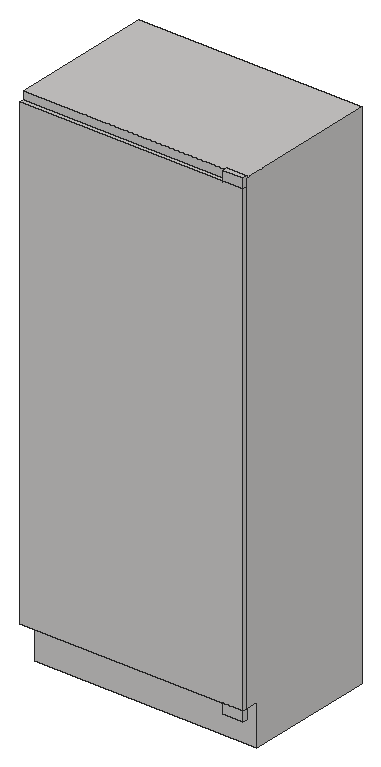
Revit family "RC492704", category Generic Models, Revit 2014
Parameters (values of type "RC492705")
  Width = 908 mm
  URL = "http://www.gaggenau.com."
  Model = "RC492705"
  Manufacturer = "Gaggenau"
  Height = 2125 mm
  Handle = Metal Panel
  Fridge = Metal Panel
  Door = Metal Panel
  Description = "Gaggenau 36\" Refigeration column"
  Depth = 608 mm
Reference planes
  plane 1 "Center (Front/Back)": y = 0
  plane 2: z = 0
  plane 3 "Center (Left/Right)": x = 0
  plane 4: z = 2125
  plane 5: x = -454
  plane 6: x = 454
  plane 7: y = 266.012
  plane 8: y = -341.988
  plane 9: z = 181
  plane 10: z = 102
  plane 11: z = 14.093
  plane 12: z = 2131
  plane 13: z = 2091
  plane 14: y = -268.988
  plane 15: y = -321.988
  plane 16: x = 393.794
Forms (mm)
  Extrusion 1, solid, material "Metal Panel" <- "Fridge"
    sketch origin (0, 0, 0) x (0, 1, 0) y (0, 0, 1)
      loop
        line (266.012, 2125) -> (-321.988, 2125) -> (-321.988, 181) -> (-268.988, 181) -> (-268.988, 14.093) -> (266.012, 14.093) -> (266.012, 2125)
    from -454 to 454
  Extrusion 2, solid, material "Metal Panel" <- "Door"
    sketch origin (0, 0, 0) x (1, 0, 0) y (0, 0, 1)
      loop
        line (-454, 181) -> (454, 181) -> (454, 2091) -> (-454, 2091) -> (-454, 181)
    from 321.988 to 341.988
  Extrusion 3, solid, material "Metal Panel" <- "Door"
    sketch origin (0, 0, -0.35) x (1, 0, 0) y (0, 0, 1)
      loop
        line (454, 2131.35) -> (374, 2131.35) -> (374, 2091.35) -> (454, 2091.35) -> (454, 2131.35)
      loop
        line (454, 181.35) -> (374, 181.35) -> (374, 141.35) -> (454, 141.35) -> (454, 181.35)
    from 321.988 to 341.988
  Extrusion 4, solid, material "Metal Panel" <- "Fridge"
    sketch origin (0, 0, 0) x (1, 0, 0) y (0, 1, 0)
      loop
        circle (-422.403, -159.898) r 11.868
      loop
        circle (-422.403, 159.898) r 11.868
      loop
        circle (422.403, -159.898) r 11.868
      loop
        circle (422.403, 159.898) r 11.868
    from 0 to 14.093
Dimensions and locks
  "Width": plane 5 to plane 6
  plane 7 to plane 8 = 608 mm  (x2)
  plane 4 to plane 2 = 2125 mm
  plane 9 to plane 2 = 181 mm
  plane 10 to plane 2 = 102 mm
  plane 12 to plane 13 = 40 mm
  plane 14 to plane 8 = 73 mm
  plane 6 to plane 16 = 60.206 mm
  equal spacing: plane 5, plane 3 "Center (Left/Right)", plane 6
  plane 12 to plane 10 = 2029 mm
  aligned and locked: level to plane 2
  aligned and locked: plane 5 to Extrusion 1
  aligned and locked: plane 6 to Extrusion 1
  aligned and locked: Extrusion 2 to plane 8
  aligned and locked: Extrusion 2 to Extrusion 1
  aligned and locked: Extrusion 3 to plane 8
  aligned and locked: Extrusion 3 to Extrusion 1
  aligned and locked: plane 13 to Extrusion 2 sketch curve
  aligned and locked: plane 6 to Extrusion 2 sketch curve
  aligned and locked: plane 5 to Extrusion 2 sketch curve
Automatic sketch dimensions
  Extrusion 1 sketch curve to plane 4 = 0 mm
  Extrusion 1 sketch curve to plane 15 = 0 mm
  Extrusion 1 sketch curve to plane 9 = 0 mm
  Extrusion 1 sketch curve to plane 14 = 0 mm
  Extrusion 1 sketch curve to plane 7 = 0 mm
  Extrusion 1 sketch curve to plane 11 = 0 mm
  Extrusion 4 sketch curve to plane 5 = 31.597 mm  (x2)
  plane 16 to Extrusion 4 sketch curve = 28.608 mm  (x2)
  Extrusion 4 sketch curve to plane 14 = 109.089 mm  (x2)
  Extrusion 4 sketch curve to plane 7 = 106.114 mm  (x2)
  plane 10 to Extrusion 2 sketch curve = 79 mm
  Extrusion 3 sketch curve to plane 16 = 19.794 mm  (x2)
  Extrusion 3 sketch curve to plane 12 = 0 mm
  Extrusion 3 sketch curve to plane 6 = 0 mm  (x2)
  Extrusion 3 sketch curve to plane 9 = 0 mm
  Extrusion 3 sketch curve to plane 13 = 0 mm
  Extrusion 3 sketch curve to plane 9 = 40 mm
  radius of Extrusion 4 sketch curve = 11.868 mm  (x4)
